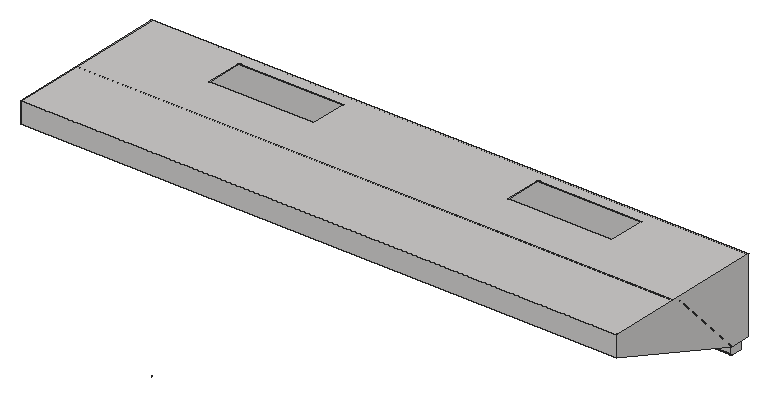
Revit family "QF_ELECTROLUXPROFESSIONAL_642096_MP1140DT", category Specialty Equipment, Revit 2014
Reference planes
  plane 1 "Center (Front/Back)": y = 0
  plane 2: z = 0
  plane 3 "Center (Left/Right)": x = 150
  plane 4 "LEFT": x = -1850
  plane 5 "RIGHT": x = 2150
  plane 6 "BACK": y = 550
  plane 7 "FRONT": y = -550
  plane 8 "Plane": z = 2000
  plane 9 "TOP": z = 2140
  plane 10 "Base": z = 1640
  plane 11: z = 1566
  plane 12 "DrainY": y = 485
  plane 13: x = -1847
  plane 14: through (0, 414.509, 1640.8) normal (0, 0.7314, 0.682)
  plane 15: y = 470
  plane 16: y = 220
  plane 17 "DrainX": x = 2030
  plane 18: x = -500
  plane 19: x = 800
  plane 20: x = -1200
  plane 21: x = 1500
  plane 22: x = 2147
  plane 23: x = 1940
  plane 24: x = 2120
  plane 25: x = -1810
  plane 26: x = -1445
  plane 27: x = -1050
  plane 28: x = 2110
  plane 29: x = 1745
  plane 30: x = 1350
  plane 31: x = -47.5
  plane 32: x = 347.5
Forms (mm)
  Extrusion 1, solid, material "QF_Finishes_Stainless Steel"
    sketch origin (-1850, 0, 0) x (0, 1, 0) y (0, 0, 1)
      loop
        line (550, 1640) -> (550, 2140) -> (-550, 2140) -> (-550, 1999.112) -> (413.973, 1640) -> (550, 1640)
    from 0 to 3
  Extrusion 2, solid, material "QF_Finishes_Stainless Steel"
    sketch origin (150, 0, 0) x (0, 1, 0) y (0, 0, 1)
      loop
        line (415.255, 1640) -> (550, 1640) -> (550, 2139.19) -> (549.2, 2139.19) -> (549.2, 1640.8) -> (415.876, 1640.8) -> (339.347, 1722.867) -> (349.609, 1732.436) -> (348.927, 1733.167) -> (337.934, 1722.917) -> (415.255, 1640)
      loop
        line (-82.203, 2139.19) -> (-82.203, 2118.6) -> (-31.047, 2118.6) -> (34.354, 2048.466) -> (46.028, 2059.352) -> (45.346, 2060.083) -> (34.403, 2049.879) -> (-30.612, 2119.6) -> (-81.203, 2119.6) -> (-81.203, 2139.19) -> (-82.203, 2139.19)
    from -1997 to 1997
  Extrusion 3, solid, material "QF_Finishes_Stainless Steel"
    sketch origin (2150, 0, 0) x (0, 1, 0) y (0, 0, 1)
      loop
        line (550, 1640) -> (550, 2140) -> (-550, 2140) -> (-550, 1999.112) -> (413.973, 1640) -> (550, 1640)
    from 0 to -3
  Extrusion 4, solid, material "QF_Finishes_Stainless Steel"
    sketch origin (150, 0, 0) x (0, 1, 0) y (0, 0, 1)
      loop
        line (-550, 2140) -> (-550, 2000) -> (-549.2, 2000) -> (-549.2, 2139.19) -> (550, 2139.19) -> (550, 2140) -> (-550, 2140)
    from -2000 to 2000
  Extrusion 5, solid, material "QF_Finishes_Stainless Steel"
    sketch origin (150, 0, 0) x (0, 1, 0) y (0, 0, 1)
      loop
        line (534, 1640) -> (436, 1640) -> (436, 1627) -> (443.5, 1627) -> (443.5, 1576)
        arc (443.5, 1576) -> (446.429, 1568.929) -> (453.5, 1566) r 10
        line (453.5, 1566) -> (516.5, 1566)
        arc (516.5, 1566) -> (523.571, 1568.929) -> (526.5, 1576) r 10
        line (526.5, 1576) -> (526.5, 1627) -> (534, 1627) -> (534, 1640)
    from 1790 to 1970
  Extrusion 6, solid, material "QF_Finishes_Stainless Steel"
    sketch origin (0, 0, 1640) x (0, 1, 0) y (-1, 0, 0)
      loop
        circle (485, -2030) r 20
    from -76 to -74
  Extrusion 7, solid, material "QF_Finished_Chrome"
    sketch origin (150, 0, 0) x (0, 1, 0) y (0, 0, 1)
      loop
        line (337.934, 1722.917) -> (341.591, 1726.327) -> (38.011, 2051.876) -> (34.354, 2048.466) -> (337.934, 1722.917)
    from -1595 to -1960
  Extrusion 8, solid, material "QF_Finished_Chrome"
    sketch origin (150, 0, 0) x (0, 1, 0) y (0, 0, 1)
      loop
        line (337.934, 1722.917) -> (341.591, 1726.327) -> (38.011, 2051.876) -> (34.354, 2048.466) -> (337.934, 1722.917)
    from -197.5 to -1200
  Extrusion 9, solid, material "QF_Finishes_Stainless Steel"
    sketch origin (150, 0, 0) x (0, 1, 0) y (0, 0, 1)
      loop
        line (337.934, 1722.917) -> (341.591, 1726.327) -> (38.011, 2051.876) -> (34.354, 2048.466) -> (337.934, 1722.917)
    from 1997 to 1960
  Extrusion 10, solid, material "QF_Finishes_Stainless Steel"
    sketch origin (150, 0, 0) x (0, 1, 0) y (0, 0, 1)
      loop
        line (341.588, 1726.324) -> (38.009, 2051.874) -> (34.354, 2048.466) -> (337.934, 1722.917) -> (341.588, 1726.324)
    from -1595 to -1200
  Extrusion 11, solid, material "QF_Finished_Chrome"
    sketch origin (150, 0, 0) x (0, 1, 0) y (0, 0, 1)
      loop
        line (341.588, 1726.324) -> (38.009, 2051.874) -> (34.354, 2048.466) -> (337.934, 1722.917) -> (341.588, 1726.324)
    from 1595 to 1960
  Extrusion 12, void
    sketch origin (0, 0, 2140) x (0, 1, 0) y (-1, 0, 0)
      loop
        line (470, 1200) -> (220, 1200) -> (220, 500) -> (470, 500) -> (470, 1200)
    from 0 to -10
  Extrusion 13, void
    sketch origin (940, 0, 2140) x (0, 1, 0) y (-1, 0, 0)
      loop
        line (470, 140) -> (220, 140) -> (220, -560) -> (470, -560) -> (470, 140)
    from 0 to -10
  Extrusion 14, solid, material "QF_Finishes_Stainless Steel"
    sketch origin (0, 0, 0) x (1, 0, 0) y (0, 1, 0)
      loop
        line (-1850, 550) -> (-1850, 549) -> (-1849, 549) -> (-1849, 550) -> (-1850, 550)
    from 0 to 1
  Extrusion 15, solid, material "QF_Finishes_Stainless Steel"
    sketch origin (150, 0, 0) x (0, 1, 0) y (0, 0, 1)
      loop
        line (337.934, 1722.917) -> (341.591, 1726.327) -> (38.011, 2051.876) -> (34.354, 2048.466) -> (337.934, 1722.917)
    from -1960 to -1997
  Extrusion 16, solid, material "QF_Finishes_Stainless Steel"
    sketch origin (150, 0, 0) x (0, 1, 0) y (0, 0, -1)
      loop
        line (341.588, -1726.324) -> (337.934, -1722.917) -> (34.354, -2048.466) -> (38.009, -2051.874) -> (341.588, -1726.324)
    from -1595 to -1200
  Extrusion 17, solid, material "QF_Finished_Chrome"
    sketch origin (150, 0, 0) x (0, 1, 0) y (0, 0, 1)
      loop
        line (337.934, 1722.917) -> (341.591, 1726.327) -> (38.011, 2051.876) -> (34.354, 2048.466) -> (337.934, 1722.917)
    from 1200 to 197.5
  Extrusion 18, solid, material "QF_Finishes_Stainless Steel"
    sketch origin (150, 0, 0) x (0, 1, 0) y (0, 0, -1)
      loop
        line (341.588, -1726.324) -> (337.934, -1722.917) -> (34.354, -2048.466) -> (38.009, -2051.874) -> (341.588, -1726.324)
    from -197.5 to 197.5
Cuts and joins
  Extrusion 12, Extrusion 13 cuts Extrusion 4
  joined: Extrusion 2, Extrusion 4
Lines and regions (mm)
  reference lines
    curve 1: line (150, 34.354, 2048.466) -> (150, 34.354, 1888.466)
  symbolic lines, style "SpecialityEquipment", detail levels coarse
    curve 2: line (2150, 550, 2140) -> (-1850, 550, 2140)
    curve 3: line (-1850, 550, 2140) -> (-1850, -550, 2140)
    curve 4: line (2150, -550, 2140) -> (2150, 550, 2140)
    curve 5: line (-1850, -550, 2140) -> (2150, -550, 2140)
    curve 6: line (-1200, 220, 2140) -> (-500, 220, 2140)
    curve 7: line (-1200, 470, 2140) -> (-1200, 220, 2140)
    curve 8: line (-500, 470, 2140) -> (-1200, 470, 2140)
    curve 9: line (-500, 220, 2140) -> (-500, 470, 2140)
    curve 10: line (800, 470, 2140) -> (800, 220, 2140)
    curve 11: line (800, 220, 2140) -> (1500, 220, 2140)
    curve 12: line (1500, 470, 2140) -> (800, 470, 2140)
    curve 13: line (1500, 220, 2140) -> (1500, 470, 2140)
    curve 14: line (-1850, -550, 0) -> (2150, 550, 0)
    curve 15: line (2150, -550, 0) -> (-1850, 550, 0)
Dimensions and locks
  plane 4 "LEFT" to plane 5 "RIGHT" = 4000 mm
  equal spacing: plane 4 "LEFT", plane 3 "Center (Left/Right)", plane 5 "RIGHT"
  locked: plane 8 "Plane" to level at 2000
  plane 9 "TOP" to plane 8 "Plane" = 140 mm
  locked: plane 9 "TOP" to plane 10 "Base" at 500
  plane 10 "Base" to plane 11 = 74 mm
  plane 6 "BACK" to plane 12 "DrainY" = 65 mm  (x2)
  plane 4 "LEFT" to plane 13 = 3 mm
  plane 6 "BACK" to plane 15 = 80 mm
  plane 15 to plane 16 = 250 mm  (x2)
  plane 17 "DrainX" to plane 5 "RIGHT" = 120 mm
  locked: plane 18 to plane 19 at 1300
  equal spacing: plane 18, plane 3 "Center (Left/Right)", plane 19
  plane 20 to plane 18 = 700 mm
  plane 19 to plane 21 = 700 mm
  plane 22 to plane 5 "RIGHT" = 3 mm
  locked: plane 23 to plane 17 "DrainX" at 90
  locked: plane 17 "DrainX" to plane 24 at 90
  plane 6 "BACK" to plane 7 "FRONT" = 1100 mm  (x2)
  equal spacing: plane 6 "BACK", plane 1 "Center (Front/Back)", plane 7 "FRONT"
  plane 16 to plane 7 "FRONT" = 770 mm
  plane 15 to plane 6 "BACK" = 80 mm
  locked: plane 4 "LEFT" to plane 25 at 40
  locked: plane 25 to plane 26 at 365
  locked: plane 26 to plane 27 at 395
  locked: plane 28 to plane 29 at 365
  locked: plane 29 to plane 30 at 395
  locked: plane 28 to plane 5 "RIGHT" at 40
  locked: plane 31 to plane 32 at 395
  equal spacing: plane 31, plane 3 "Center (Left/Right)", plane 32
  plane 27 to plane 31 = 1002.5 mm
  plane 32 to plane 30 = 1002.5 mm
  aligned and locked: level to plane 2
  aligned and locked: Extrusion 2 to Extrusion 1
  aligned and locked: Extrusion 2 to Extrusion 3
  aligned and locked: plane 5 "RIGHT" to Extrusion 4
  aligned and locked: Extrusion 4 to plane 4 "LEFT"
  aligned and locked: plane 22 to Extrusion 9
  aligned and locked: plane 20 to Extrusion 12
  aligned and locked: Extrusion 12 to plane 18
  aligned and locked: Extrusion 12 to plane 16
  aligned and locked: Extrusion 12 to plane 15
  aligned and locked: Extrusion 13 to plane 21
  aligned and locked: plane 19 to Extrusion 13
  aligned and locked: Extrusion 2 to Extrusion 4
  aligned and locked: plane 24 to Extrusion 5
  aligned and locked: Extrusion 5 to plane 23
  aligned and locked: Extrusion 9 to plane 28
  aligned and locked: Extrusion 11 to plane 28
  aligned and locked: Extrusion 11 to plane 29
  aligned and locked: Extrusion 8 to plane 27
  aligned and locked: plane 27 to Extrusion 10
  aligned and locked: Extrusion 10 to plane 26
  aligned and locked: plane 26 to Extrusion 7
  aligned and locked: Extrusion 7 to plane 25
  aligned and locked: Extrusion 15 to plane 13
  aligned and locked: plane 25 to Extrusion 15
  aligned and locked: Extrusion 16 to plane 30
  aligned and locked: Extrusion 16 to plane 29
  aligned and locked: Extrusion 3 to plane 22
  aligned and locked: plane 31 to Extrusion 8
  aligned and locked: Extrusion 17 to plane 30
  aligned and locked: Extrusion 17 to plane 32
  aligned and locked: plane 32 to Extrusion 18
  aligned and locked: Extrusion 18 to plane 31
Automatic sketch dimensions
  curve 5 to plane 4 "LEFT" = 0 mm
  curve 5 to plane 7 "FRONT" = 0 mm
  curve 9 to plane 16 = 0 mm
  curve 10 to plane 16 = 0 mm
  plane 15 to curve 8 = 0 mm
  plane 15 to curve 12 = 0 mm
  curve 3 to plane 6 "BACK" = 0 mm
  curve 5 to plane 5 "RIGHT" = 0 mm
  curve 11 to plane 21 = 0 mm
  curve 10 to plane 19 = 0 mm
  curve 6 to plane 18 = 0 mm
  curve 6 to plane 20 = 0 mm
  Extrusion 1 sketch curve to plane 7 "FRONT" = 0 mm
  Extrusion 1 sketch curve to plane 10 "Base" = 0 mm
  Extrusion 1 sketch curve to plane 6 "BACK" = 0 mm
  Extrusion 1 sketch curve to plane 9 "TOP" = 0 mm
  plane 15 to Extrusion 1 sketch curve = 56.027 mm
  Extrusion 1 sketch curve to plane 8 "Plane" = 0.888 mm
  Extrusion 2 sketch curve to plane 14 = 0 mm  (x3)
  Extrusion 2 sketch curve to plane 10 "Base" = 0 mm
  plane 14 to Extrusion 2 sketch curve = 0 mm
  Extrusion 2 sketch curve to plane 6 "BACK" = 0 mm
  Extrusion 2 sketch curve to Extrusion 2 sketch curve = 65.646 mm
  Extrusion 2 sketch curve to Extrusion 2 sketch curve = 0.682 mm  (x2)
  Extrusion 2 sketch curve to Extrusion 2 sketch curve = 10.261 mm
  plane 10 "Base" to Extrusion 2 sketch curve = 82.917 mm
  Extrusion 2 sketch curve to plane 1 "Center (Front/Back)" = 46.028 mm
  Extrusion 2 sketch curve to Extrusion 2 sketch curve = 10.942 mm
  Extrusion 2 sketch curve to Extrusion 2 sketch curve = 0.049 mm
  Extrusion 2 sketch curve to plane 9 "TOP" = 20.4 mm
  Extrusion 2 sketch curve to plane 9 "TOP" = 21.4 mm
  Extrusion 2 sketch curve to plane 9 "TOP" = 0.81 mm  (x2)
  Extrusion 2 sketch curve to Extrusion 2 sketch curve = 50.156 mm
  Extrusion 2 sketch curve to Extrusion 2 sketch curve = 1 mm
  plane 10 "Base" to Extrusion 2 sketch curve = 0.8 mm
  Extrusion 2 sketch curve to plane 6 "BACK" = 0.8 mm
  Extrusion 3 sketch curve to plane 7 "FRONT" = 0 mm
  Extrusion 3 sketch curve to plane 10 "Base" = 0 mm
  Extrusion 3 sketch curve to plane 6 "BACK" = 0 mm
  Extrusion 3 sketch curve to plane 9 "TOP" = 0 mm
  plane 15 to Extrusion 3 sketch curve = 56.027 mm
  Extrusion 3 sketch curve to plane 8 "Plane" = 0.888 mm
  Extrusion 4 sketch curve to plane 7 "FRONT" = 0 mm
  Extrusion 4 sketch curve to plane 8 "Plane" = 0 mm
  Extrusion 4 sketch curve to plane 6 "BACK" = 0 mm
  Extrusion 4 sketch curve to plane 9 "TOP" = 0 mm
  plane 7 "FRONT" to Extrusion 4 sketch curve = 0.8 mm
  Extrusion 4 sketch curve to plane 9 "TOP" = 0.81 mm
  curve 1 to plane 14 = 0 mm
  curve 1 to plane 1 "Center (Front/Back)" = 34.354 mm
  curve 1 to plane 8 "Plane" = 111.534 mm
  Extrusion 5 sketch curve to plane 10 "Base" = 0 mm
  Extrusion 5 sketch curve to plane 11 = 0 mm
  Extrusion 5 sketch curve to plane 10 "Base" = 13 mm  (x2)
  plane 15 to Extrusion 5 sketch curve = 34 mm
  Extrusion 5 sketch curve to Extrusion 5 sketch curve = 7.5 mm  (x2)
  Extrusion 5 sketch curve to Extrusion 5 sketch curve = 10 mm
  plane 12 "DrainY" to Extrusion 5 sketch curve = 31.5 mm
  Extrusion 5 sketch curve to plane 6 "BACK" = 23.5 mm
  Extrusion 6 sketch curve to plane 12 "DrainY" = 0 mm
  Extrusion 6 sketch curve to plane 17 "DrainX" = 0 mm
  Extrusion 7 sketch curve to plane 14 = 0 mm  (x2)
  Extrusion 7 sketch curve to plane 1 "Center (Front/Back)" = 34.354 mm
  Extrusion 7 sketch curve to Extrusion 7 sketch curve = 3.657 mm
  plane 10 "Base" to Extrusion 7 sketch curve = 82.917 mm
  Extrusion 8 sketch curve to plane 14 = 0 mm  (x2)
  Extrusion 8 sketch curve to plane 1 "Center (Front/Back)" = 34.354 mm
  Extrusion 8 sketch curve to Extrusion 8 sketch curve = 3.657 mm
  plane 10 "Base" to Extrusion 8 sketch curve = 82.917 mm
  Extrusion 9 sketch curve to plane 14 = 0 mm  (x2)
  Extrusion 9 sketch curve to plane 1 "Center (Front/Back)" = 34.354 mm
  Extrusion 9 sketch curve to Extrusion 9 sketch curve = 3.657 mm
  plane 10 "Base" to Extrusion 9 sketch curve = 82.917 mm
  Extrusion 10 sketch curve to plane 14 = 0 mm  (x2)
  Extrusion 10 sketch curve to plane 1 "Center (Front/Back)" = 34.354 mm
  Extrusion 10 sketch curve to Extrusion 10 sketch curve = 3.655 mm
  plane 10 "Base" to Extrusion 10 sketch curve = 82.917 mm
  Extrusion 11 sketch curve to plane 14 = 0 mm  (x2)
  Extrusion 11 sketch curve to plane 1 "Center (Front/Back)" = 34.354 mm
  Extrusion 11 sketch curve to Extrusion 11 sketch curve = 3.655 mm
  plane 10 "Base" to Extrusion 11 sketch curve = 82.917 mm
  Extrusion 12 sketch curve to plane 16 = 0 mm
  plane 15 to Extrusion 12 sketch curve = 0 mm
  Extrusion 12 sketch curve to plane 18 = 0 mm
  Extrusion 12 sketch curve to plane 20 = 0 mm
  Extrusion 13 sketch curve to plane 16 = 0 mm
  plane 15 to Extrusion 13 sketch curve = 0 mm
  Extrusion 13 sketch curve to plane 21 = 0 mm
  Extrusion 13 sketch curve to plane 19 = 0 mm
  Extrusion 14 sketch curve to plane 4 "LEFT" = 0 mm
  Extrusion 14 sketch curve to plane 6 "BACK" = 0 mm
  plane 4 "LEFT" to Extrusion 14 sketch curve = 1 mm
  Extrusion 14 sketch curve to Extrusion 14 sketch curve = 1 mm
  Extrusion 15 sketch curve to plane 14 = 0 mm  (x2)
  Extrusion 15 sketch curve to plane 1 "Center (Front/Back)" = 34.354 mm
  Extrusion 15 sketch curve to Extrusion 15 sketch curve = 3.657 mm
  plane 10 "Base" to Extrusion 15 sketch curve = 82.917 mm
  Extrusion 16 sketch curve to plane 14 = 0 mm  (x2)
  Extrusion 16 sketch curve to plane 1 "Center (Front/Back)" = 34.354 mm
  Extrusion 16 sketch curve to Extrusion 16 sketch curve = 3.655 mm
  plane 10 "Base" to Extrusion 16 sketch curve = 82.917 mm
  Extrusion 17 sketch curve to plane 14 = 0 mm  (x2)
  Extrusion 17 sketch curve to plane 1 "Center (Front/Back)" = 34.354 mm
  Extrusion 17 sketch curve to Extrusion 17 sketch curve = 3.657 mm
  plane 10 "Base" to Extrusion 17 sketch curve = 82.917 mm
  Extrusion 18 sketch curve to plane 14 = 0 mm  (x2)
  Extrusion 18 sketch curve to plane 1 "Center (Front/Back)" = 34.354 mm
  Extrusion 18 sketch curve to Extrusion 18 sketch curve = 3.655 mm
  plane 10 "Base" to Extrusion 18 sketch curve = 82.917 mm
  curve 15 to plane 4 "LEFT" = 0 mm
  curve 14 to plane 4 "LEFT" = 0 mm
  curve 15 to plane 5 "RIGHT" = 0 mm
  curve 14 to plane 5 "RIGHT" = 0 mm
  curve 15 to plane 7 "FRONT" = 0 mm
  curve 14 to plane 7 "FRONT" = 0 mm
  curve 15 to plane 6 "BACK" = 0 mm
  curve 14 to plane 6 "BACK" = 0 mm
  radius of Extrusion 6 sketch curve = 20 mm
Connectors
  piping at (2030, 485, 1564), diameter 20
    settings: on Extrusion 6, index 1, connector inside diameter 609.6 mm, connector length 0 mm, flow factor 0, pipe flow 0.0 L/s, pressure drop 0.0 Pa, fitting loss kfactor 0, connector angle 0.00°, fixture units 0, engagement length 0 mm, angle of deflection 0.00°, flow configuration 1, flow direction 2, fitting loss method 0, system type 16, joint type 0, gender type 0, connector reference index -1, connector utility 0, adjustable connector no, is connector primary yes, connector description "Drain"
  hvac at (-850, 345, 2140)
    settings: on Extrusion 12, index 2, duct flow 0.0 L/s, flow factor 0, pres drop 0.0 Pa, loss coef 0, conn angle 0.00°, conn width 250 mm, conn height 700 mm, conn diameter 609.6 mm, duct sys type 3, conn prof type 1, flow config 1, flow direction 0, loss method 0, conn ref index -1, conn util no, is conn primary yes, conn desc "EXHAUST OUTLET"
  hvac at (1150, 345, 2140)
    settings: on Extrusion 13, index 3, duct flow 0.0 L/s, flow factor 0, pres drop 0.0 Pa, loss coef 0, conn angle 0.00°, conn width 250 mm, conn height 700 mm, conn diameter 609.6 mm, duct sys type 3, conn prof type 1, flow config 1, flow direction 0, loss method 0, conn ref index -1, conn util no, is conn primary no, conn desc "EXHAUST OUTLET"
